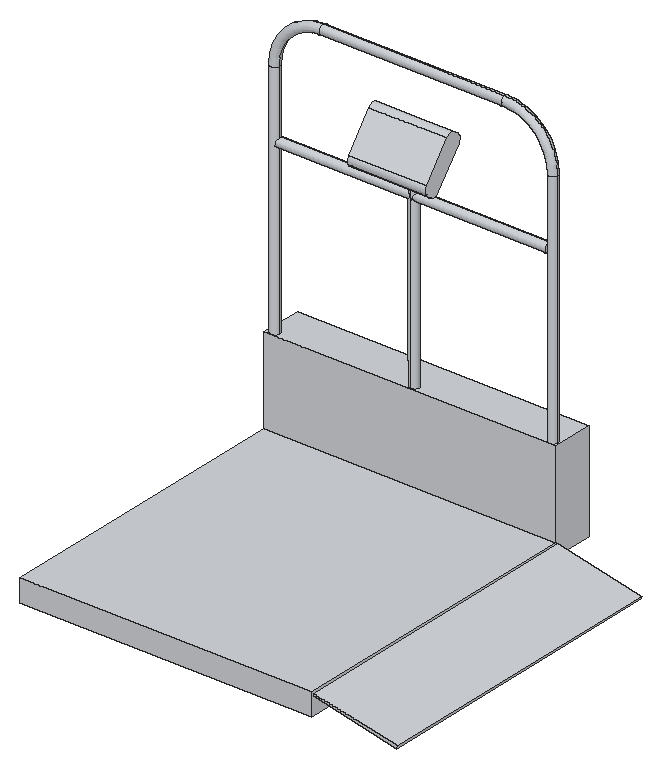
Revit family "MX480", category Specialty Equipment, Revit 2021
Family settings
  Round Connector Dimension = Use Diameter
  Part Type = Normal
  Work Plane-Based = No
  Always vertical = Yes
  Cut with Voids When Loaded = No
  Shared = No
  Room Calculation Point = No
Parameters
  platform width = 32.00"
  platform depth = 33.50"
  Ramp Width = 51.22"
  OAL height = 44.26"
  OAL depth = 38.06"
  Default Elevation = 0.00"
Reference planes (in)
  plane 1 "Center (Front/Back)": y = 0
  plane 2: z = 0
  plane 3 "Center (Left/Right)": x = 0
  plane 4: x = -16
  plane 5: x = 16
  plane 6: x = -25.61
  plane 7: x = 25.61
  plane 8: y = -33.5
  plane 9: y = 4.56
  plane 10: z = 44.26
Forms (in)
  Extrusion 1, solid
    sketch origin (0, 0, 0) x (1, 0, 0) y (0, 1, 0)
      loop
        line (-16, 0) -> (-16, -33.5) -> (16, -33.5) -> (16, 0) -> (-16, 0)
    from 0 to 2.42
  Sweep 2, solid
    path origin (-0.08957, 0, 0) x (1, 0, 0) y (0, 0, 1)
      loop
        line (0, 34.26) -> (0, 4)
    profile origin (-0.08957, 0, 19.13) x (0, -1, 0) y (1, 0, 0)
      loop
        circle (-0.68053, 0.02601) r 0.5
  Extrusion 3, solid
    sketch origin (0, 37.94052, 22.2044) x (0, 0.615661, 0.788011) y (0, -0.788011, 0.615661)
      loop
        arc (-15.36168, 39.91902) -> (-15.89201, 39.69935) -> (-16.11168, 39.16902) r 0.75
        line (-16.11168, 39.16902) -> (-16.11168, 38.66902)
        arc (-16.11168, 38.66902) -> (-15.89201, 38.13869) -> (-15.36168, 37.91902) r 0.75
        line (-15.36168, 37.91902) -> (-10.86168, 37.91902)
        arc (-10.86168, 37.91902) -> (-10.33135, 38.13869) -> (-10.11168, 38.66902) r 0.75
        line (-10.11168, 38.66902) -> (-10.11168, 39.16902)
        arc (-10.11168, 39.16902) -> (-10.33135, 39.69935) -> (-10.86168, 39.91902) r 0.75
        line (-10.86168, 39.91902) -> (-15.36168, 39.91902)
    from -4.30281 to 4.25655
  Extrusion 4, solid
    sketch origin (0.23326, 0, 5.52406) x (0.978148, 0, -0.207912) y (0, 1, 0)
      loop
        line (16.33117, 0) -> (16.33117, -33.5) -> (25.73117, -33.5) -> (25.73117, 0) -> (16.33117, 0)
    from 0 to 0.2401
  Extrusion 5, solid
    sketch origin (0, 0, 0) x (0, 1, 0) y (0, 0, 1)
      loop
        line (0, 0.98793) -> (4.56, 0.98793) -> (4.56, 11.93759) -> (0, 11.93759) -> (0, 0.98793)
    from -16 to 16
  Sweep 6, solid
    path origin (0, 0, 0) x (1, 0, 0) y (0, 0, 1)
      loop
        line (-16, 11.93759) -> (-16, 38.26)
        arc (-16, 38.26) -> (-14.24264, 42.50264) -> (-10, 44.26) r 6
        line (-10, 44.26) -> (10, 44.26)
        arc (10, 44.26) -> (14.24264, 42.50264) -> (16, 38.26) r 6
        line (16, 38.26) -> (16, 11.93759)
    profile origin (-16, 0, 25.0988) x (-1, 0, 0) y (0, -1, 0)
      loop
        circle (-0.69888, -0.59494) r 0.5
  Sweep 7, solid
    path origin (0, 0, 0.0624) x (1, 0, 0) y (0, 0, 1)
      loop
        line (-15.23162, 30.68486) -> (14.76838, 30.68486)
    profile origin (-0.23162, 0, 30.74726) x (0, 0, 1) y (0, -1, 0)
      loop
        circle (0, -0.6876) r 0.5
Dimensions and locks (in)
  equal spacing: plane 4, plane 3 "Center (Left/Right)", plane 5
  "platform width": plane 4 to plane 5
  equal spacing: plane 6, plane 3 "Center (Left/Right)", plane 7
  "Ramp Width": plane 6 to plane 7
  "platform depth": plane 8 to plane 1 "Center (Front/Back)"
  "OAL depth": plane 9 to plane 8
  "OAL height": plane 10 to level
  plane 10 to level = 44.26"
  aligned and locked: level to plane 2
  aligned and locked: plane 1 "Center (Front/Back)" to Extrusion 1 sketch curve
  aligned and locked: plane 4 to Extrusion 1 sketch curve
  aligned and locked: plane 8 to Extrusion 1 sketch curve
  aligned and locked: Extrusion 1 sketch curve to plane 5
Automatic sketch dimensions
  Sweep 2 sketch curve to plane 3 "Center (Left/Right)" = 0.08957"
  level to Sweep 2 sketch curve = 4.00"
  Sweep 2 sketch curve to plane 10 = 10.00"
  Sweep 2 sketch curve to plane 1 "Center (Front/Back)" = 0.68053"
  Sweep 2 sketch curve to profile plane = 0.02601"
  plane 1 "Center (Front/Back)" to Extrusion 3 sketch curve = 2.45042"
  Extrusion 3 sketch curve to plane 10 = 10.94476"
  Extrusion 3 sketch curve to Extrusion 3 sketch curve = 0.75"  (x2)
  Extrusion 3 sketch curve to Extrusion 3 sketch curve = 0.00"  (x2)
  Extrusion 3 sketch curve to Extrusion 3 sketch curve = 4.50"
  Extrusion 3 sketch curve to Extrusion 3 sketch curve = 0.50"
  plane 8 to Extrusion 4 sketch curve = 0.00"
  Extrusion 4 sketch curve to plane 1 "Center (Front/Back)" = 0.00"
  Extrusion 4 sketch curve to Extrusion 4 sketch curve = 9.40"
  Extrusion 5 sketch curve to plane 1 "Center (Front/Back)" = 0.00"
  Extrusion 5 sketch curve to plane 9 = 0.00"
  level to Extrusion 5 sketch curve = 0.98793"
  Extrusion 5 sketch curve to Extrusion 5 sketch curve = 10.94967"
  Sweep 6 sketch curve to plane 4 = 0.00"
  Sweep 6 sketch curve to plane 10 = 0.00"
  Sweep 6 sketch curve to plane 5 = 0.00"
  Sweep 6 sketch curve to Sweep 6 sketch curve = 6.00"  (x2)
  level to Sweep 6 sketch curve = 11.93759"  (x2)
  profile plane to Sweep 6 sketch curve = 0.69888"
  Sweep 6 sketch curve to plane 1 "Center (Front/Back)" = 0.59494"
  plane 4 to Sweep 7 sketch curve = 0.76838"
  Sweep 7 sketch curve to plane 5 = 1.23162"
  Sweep 7 sketch curve to plane 10 = 13.51274"
  Sweep 7 sketch curve to plane 1 "Center (Front/Back)" = 0.6876"
  profile plane to Sweep 7 sketch curve = 0.00"
  radius of Sweep 2 sketch curve = 0.50"
  radius of Sweep 6 sketch curve = 0.50"
  radius of Sweep 7 sketch curve = 0.50"
